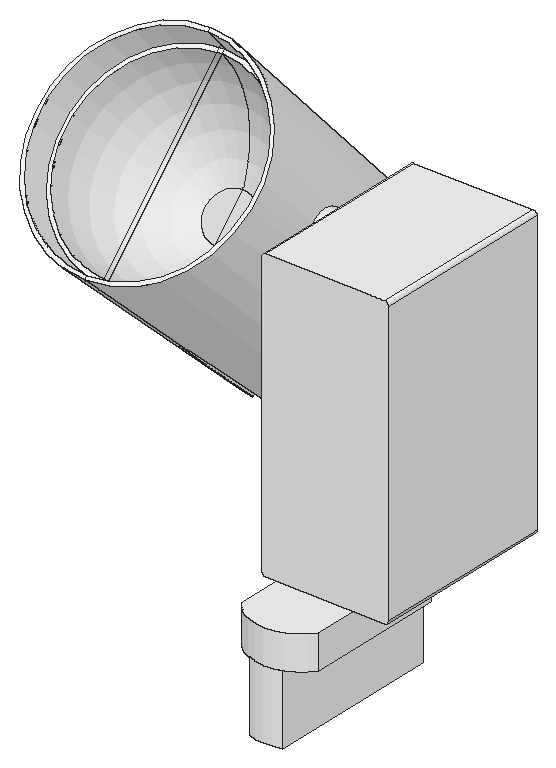
Revit family "0004823 Feilo Sylvania Lighting Fixture START TRACK SPOT S 14W 4K RA80 NB WHITE", category Lighting Fixtures, host Face, Revit 2017 (continued)
Definition of nested family "Start Track Spot Head"
  Types (96, lengths in mm): name | Wattage | built-in parameter 1150134 | Photometric Web File | Model | built-in parameter 1150105 | Lumens | built-in parameter 1150107 | built-in parameter 1150106 | HeadThickness_FEILO | HeadRibOffset_FEILO | HeadRibDepth_FEILO | HeadRibCutWidth_FEILO | HeadRibCutOffset_FEILO | HeadReflectorRadius_FEILO | HeadReflectorOffset_FEILO | HeadLEDRadius_FEILO | HeadHeight_FEILO | HeadDiffusorOffset_FEILO | HeadDiaOut_FEILO | HeadDiaIn_FEILO | HeadAxisFromTop_FEILO | Emit from Circle Diameter | built-in parameter 1150104 | Description | Apparent Load
    0004864 START TRACK SPOT S 24W 3K RA90 WB WHITE | 24 W | (empty or 0) | "0004864.ies" | "START TRACK SPOT S 24W 3K RA90 WB WHITE" | 152.79 (stored number, unit not read) | 1920 lm | 3000 (stored number, unit not read) | 1.5279 (stored number, unit not read) | 1.5 | 4.179 | 55.714 | 7.167 | 50.87 | 50.588 | 55.714 | 9.556 | 117 | 9.435 | 86 | 77.477 | 69.354 | 77.477 | 7.4322 (stored number, unit not read) | "Integrated LED spotlight, Textured White - RAL9016, compact and minimalist design, ideal for retail applications, die-cast aluminium body, passive cooling heatsink. Beam angle: 64°, color temperature: 3000K , total system power: 24W, total fixture output: 1928 lm, LOR: 100%, colour rendering: Ra: 90 typical, LED Chromaticity: 3 step MacAdam ellipse, lifetime: >50000 hours at L70B50, energy class: A++, A+, A, IR/UV free light source without heat radiation, operating voltage: 220-240V / 50-60Hz, drive current: 600mA, electronic driver, non-dimmable, power factor: 0.95, electrical protection: Class II, Global Track 3 Phase adapter suitable for Global trac 3-circuit tracks, ingress protection rating: IP20, suitable for internal environment only, horizontal rotation: 355°, vertical tilt: 90°, dimensions: Ø86x140x200, weight: 0.966kg." | 24 VA
    0004863 START TRACK SPOT S 24W 3K RA90 MB WHITE | 24 W | (empty or 0) | "0004863.ies" | "START TRACK SPOT S 24W 3K RA90 MB WHITE" | 154.7 (stored number, unit not read) | 1944 lm | 3000 (stored number, unit not read) | 1.547 (stored number, unit not read) | 1.5 | 4.179 | 55.714 | 7.167 | 50.87 | 50.588 | 55.714 | 9.556 | 117 | 9.435 | 86 | 77.477 | 69.354 | 77.477 | 7.5251 (stored number, unit not read) | "Integrated LED spotlight, Textured White - RAL9016, compact and minimalist design, ideal for retail applications, die-cast aluminium body, passive cooling heatsink. Beam angle: 36°, color temperature: 3000K , total system power: 24W, total fixture output: 1944 lm, LOR: 100%, colour rendering: Ra: 90 typical, LED Chromaticity: 3 step MacAdam ellipse, lifetime: >50000 hours at L70B50, energy class: A++, A+, A, IR/UV free light source without heat radiation, operating voltage: 220-240V / 50-60Hz, drive current: 600mA, electronic driver, non-dimmable, power factor: 0.95, electrical protection: Class II, Global Track 3 Phase adapter suitable for Global trac 3-circuit tracks, ingress protection rating: IP20, suitable for internal environment only, horizontal rotation: 355°, vertical tilt: 90°, dimensions: Ø86x140x200, weight: 0.966kg." | 24 VA
    0004862 START TRACK SPOT S 24W 3K RA90 NB WHITE | 24 W | (empty or 0) | "0004862.ies" | "START TRACK SPOT S 24W 3K RA90 NB WHITE" | 158.52 (stored number, unit not read) | 1992 lm | 3000 (stored number, unit not read) | 1.5852 (stored number, unit not read) | 1.5 | 4.179 | 55.714 | 7.167 | 50.87 | 50.588 | 55.714 | 9.556 | 117 | 9.435 | 86 | 77.477 | 69.354 | 77.477 | 7.711 (stored number, unit not read) | "Integrated LED spotlight, Textured White - RAL9016, compact and minimalist design, ideal for retail applications, die-cast aluminium body, passive cooling heatsink. Beam angle: 12°, color temperature: 3000K , total system power: 24W, total fixture output: 1987 lm, LOR: 100%, colour rendering: Ra: 90 typical, LED Chromaticity: 3 step MacAdam ellipse, lifetime: >50000 hours at L70B50, energy class: A++, A+, A, IR/UV free light source without heat radiation, operating voltage: 220-240V / 50-60Hz, drive current: 600mA, electronic driver, non-dimmable, power factor: 0.95, electrical protection: Class II, Global Track 3 Phase adapter suitable for Global trac 3-circuit tracks, ingress protection rating: IP20, suitable for internal environment only, horizontal rotation: 355°, vertical tilt: 90°, dimensions: Ø86x140x200, weight: 0.966kg." | 24 VA
    0004861 START TRACK SPOT S 14W 3K RA90 WB WHITE | 14 W | (empty or 0) | "0004861.ies" | "START TRACK SPOT S 14W 3K RA90 WB WHITE" | 100.27 (stored number, unit not read) | 1260 lm | 3000 (stored number, unit not read) | 1.0027 (stored number, unit not read) | 1.5 | 4.179 | 55.714 | 7.167 | 50.87 | 50.588 | 55.714 | 9.556 | 117 | 9.435 | 86 | 77.477 | 69.354 | 77.477 | 8.3613 (stored number, unit not read) | "Integrated LED spotlight, Textured White - RAL9016, compact and minimalist design, ideal for retail applications, die-cast aluminium body, passive cooling heatsink. Beam angle: 64°, color temperature: 3000K , total system power: 14W, total fixture output: 1262 lm, LOR: 100%, colour rendering: Ra: 90 typical, LED Chromaticity: 3 step MacAdam ellipse, lifetime: >50000 hours at L70B50, energy class: A++, A+, A, IR/UV free light source without heat radiation, operating voltage: 220-240V / 50-60Hz, drive current: 350mA, electronic driver, non-dimmable, power factor: 0.92, electrical protection: Class II, Global Track 3 Phase adapter suitable for Global trac 3-circuit tracks, ingress protection rating: IP20, suitable for internal environment only, horizontal rotation: 355°, vertical tilt: 90°, dimensions: Ø86x140x200, weight: 0.940kg." | 14 VA
    0004860 START TRACK SPOT S 14W 3K RA90 MB WHITE | 14 W | (empty or 0) | "0004860.ies" | "START TRACK SPOT S 14W 3K RA90 MB WHITE" | 100.27 (stored number, unit not read) | 1260 lm | 3000 (stored number, unit not read) | 1.0027 (stored number, unit not read) | 1.5 | 4.179 | 55.714 | 7.167 | 50.87 | 50.588 | 55.714 | 9.556 | 117 | 9.435 | 86 | 77.477 | 69.354 | 77.477 | 8.3613 (stored number, unit not read) | "Integrated LED spotlight, Textured White - RAL9016, compact and minimalist design, ideal for retail applications, die-cast aluminium body, passive cooling heatsink. Beam angle: 36°, color temperature: 3000K , total system power: 14W, total fixture output: 1262 lm, LOR: 100%, colour rendering: Ra: 90 typical, LED Chromaticity: 3 step MacAdam ellipse, lifetime: >50000 hours at L70B50, energy class: A++, A+, A, IR/UV free light source without heat radiation, operating voltage: 220-240V / 50-60Hz, drive current: 350mA, electronic driver, non-dimmable, power factor: 0.92, electrical protection: Class II, Global Track 3 Phase adapter suitable for Global trac 3-circuit tracks, ingress protection rating: IP20, suitable for internal environment only, horizontal rotation: 355°, vertical tilt: 90°, dimensions: Ø86x140x200, weight: 0.940kg." | 14 VA
    0004859 START TRACK SPOT S 14W 3K RA90 NB WHITE | 14 W | (empty or 0) | "0004859.ies" | "START TRACK SPOT S 14W 3K RA90 NB WHITE" | 102.5 (stored number, unit not read) | 1288 lm | 3000 (stored number, unit not read) | 1.025 (stored number, unit not read) | 1.5 | 4.179 | 55.714 | 7.167 | 50.87 | 50.588 | 55.714 | 9.556 | 117 | 9.435 | 86 | 77.477 | 69.354 | 77.477 | 8.5471 (stored number, unit not read) | "Integrated LED spotlight, Textured White - RAL9016, compact and minimalist design, ideal for retail applications, die-cast aluminium body, passive cooling heatsink. Beam angle: 12°, color temperature: 3000K , total system power: 14W, total fixture output: 1284 lm, LOR: 100%, colour rendering: Ra: 90 typical, LED Chromaticity: 3 step MacAdam ellipse, lifetime: >50000 hours at L70B50, energy class: A++, A+, A, IR/UV free light source without heat radiation, operating voltage: 220-240V / 50-60Hz, drive current: 350mA, electronic driver, non-dimmable, power factor: 0.92, electrical protection: Class II, Global Track 3 Phase adapter suitable for Global trac 3-circuit tracks, ingress protection rating: IP20, suitable for internal environment only, horizontal rotation: 355°, vertical tilt: 90°, dimensions: Ø86x140x200, weight: 0.940kg." | 14 VA
    0004858 START TRACK SPOT L 55W 4K RA80 WB BLACK | 55 W | 12 | "0004858.ies" | "START TRACK SPOT L 55W 4K RA80 WB BLACK" | 424.55 (stored number, unit not read) | 5335 lm | 4000 (stored number, unit not read) | 4.2455 (stored number, unit not read) | 2 | 4.429 | 59.048 | 9.417 | 53.913 | 66.471 | 59.048 | 12.556 | 124 | 10 | 113 | 101.802 | 73.503 | 101.802 | 9.0116 (stored number, unit not read) | "Integrated LED spotlight, Textured Black - RAL9005, compact and minimalist design, ideal for retail applications, die-cast aluminium body, passive cooling heatsink. Beam angle: 52°, color temperature: 4000K , total system power: 55W, total fixture output: 5320 lm, LOR: 100%, colour rendering: Ra: 80 typical, LED Chromaticity: 3 step MacAdam ellipse, lifetime: >50000 hours at L70B50, energy class: A++, A+, A, IR/UV free light source without heat radiation, operating voltage: 220-240V / 50-60Hz, drive current: 1400mA, electronic driver, non-dimmable, power factor: 0.96, electrical protection: Class II, Global Track 3 Phase adapter suitable for Global trac 3-circuit tracks, ingress protection rating: IP20, suitable for internal environment only, horizontal rotation: 355°, vertical tilt: 90°, dimensions: Ø113x164x240, weight: 1.398kg." | 55 VA
    0004857 START TRACK SPOT L 55W 4K RA80 MB BLACK | 55 W | 12 | "0004857.ies" | "START TRACK SPOT L 55W 4K RA80 MB BLACK" | 428.92 (stored number, unit not read) | 5390 lm | 4000 (stored number, unit not read) | 4.2892 (stored number, unit not read) | 2 | 4.429 | 59.048 | 9.417 | 53.913 | 66.471 | 59.048 | 12.556 | 124 | 10 | 113 | 101.802 | 73.503 | 101.802 | 9.1045 (stored number, unit not read) | "Integrated LED spotlight, Textured Black - RAL9005, compact and minimalist design, ideal for retail applications, die-cast aluminium body, passive cooling heatsink. Beam angle: 38°, color temperature: 4000K , total system power: 55W, total fixture output: 5378 lm, LOR: 100%, colour rendering: Ra: 80 typical, LED Chromaticity: 3 step MacAdam ellipse, lifetime: >50000 hours at L70B50, energy class: A++, A+, A, IR/UV free light source without heat radiation, operating voltage: 220-240V / 50-60Hz, drive current: 1400mA, electronic driver, non-dimmable, power factor: 0.96, electrical protection: Class II, Global Track 3 Phase adapter suitable for Global trac 3-circuit tracks, ingress protection rating: IP20, suitable for internal environment only, horizontal rotation: 355°, vertical tilt: 90°, dimensions: Ø113x164x240, weight: 1.398kg." | 55 VA
    0004856 START TRACK SPOT L 55W 4K RA80 NB BLACK | 55 W | 12 | "0004856.ies" | "START TRACK SPOT L 55W 4K RA80 NB BLACK" | 433.3 (stored number, unit not read) | 5445 lm | 4000 (stored number, unit not read) | 4.333 (stored number, unit not read) | 2 | 4.429 | 59.048 | 9.417 | 53.913 | 66.471 | 59.048 | 12.556 | 124 | 10 | 113 | 101.802 | 73.503 | 101.802 | 9.1974 (stored number, unit not read) | "Integrated LED spotlight, Textured Black - RAL9005, compact and minimalist design, ideal for retail applications, die-cast aluminium body, passive cooling heatsink. Beam angle: 15°, color temperature: 4000K , total system power: 55W, total fixture output: 5426 lm, LOR: 100%, colour rendering: Ra: 80 typical, LED Chromaticity: 3 step MacAdam ellipse, lifetime: >50000 hours at L70B50, energy class: A++, A+, A, IR/UV free light source without heat radiation, operating voltage: 220-240V / 50-60Hz, drive current: 1400mA, electronic driver, non-dimmable, power factor: 0.96, electrical protection: Class II, Global Track 3 Phase adapter suitable for Global trac 3-circuit tracks, ingress protection rating: IP20, suitable for internal environment only, horizontal rotation: 355°, vertical tilt: 90°, dimensions: Ø113x164x240, weight: 1.398kg." | 55 VA
    0004855 START TRACK SPOT L 35W 4K RA80 WB BLACK | 35 W | 12 | "0004855.ies" | "START TRACK SPOT L 35W 4K RA80 WB BLACK" | 320.3 (stored number, unit not read) | 4025 lm | 4000 (stored number, unit not read) | 3.203 (stored number, unit not read) | 2 | 4.429 | 59.048 | 9.417 | 53.913 | 66.471 | 59.048 | 12.556 | 124 | 10 | 113 | 101.802 | 73.503 | 101.802 | 10.684 (stored number, unit not read) | "Integrated LED spotlight, Textured Black - RAL9005, compact and minimalist design, ideal for retail applications, die-cast aluminium body, passive cooling heatsink. Beam angle: 52°, color temperature: 4000K , total system power: 35W, total fixture output: 4010 lm, LOR: 100%, colour rendering: Ra: 80 typical, LED Chromaticity: 3 step MacAdam ellipse, lifetime: >50000 hours at L70B50, energy class: A++, A+, A, IR/UV free light source without heat radiation, operating voltage: 220-240V / 50-60Hz, drive current: 900mA, electronic driver, non-dimmable, power factor: 0.93, electrical protection: Class II, Global Track 3 Phase adapter suitable for Global trac 3-circuit tracks, ingress protection rating: IP20, suitable for internal environment only, horizontal rotation: 355°, vertical tilt: 90°, dimensions: Ø113x164x240, weight: 1.368kg." | 35 VA
    0004854 START TRACK SPOT L 35W 4K RA80 MB BLACK | 35 W | 12 | "0004854.ies" | "START TRACK SPOT L 35W 4K RA80 MB BLACK" | 320.3 (stored number, unit not read) | 4025 lm | 4000 (stored number, unit not read) | 3.203 (stored number, unit not read) | 2 | 4.429 | 59.048 | 9.417 | 53.913 | 66.471 | 59.048 | 12.556 | 124 | 10 | 113 | 101.802 | 73.503 | 101.802 | 10.684 (stored number, unit not read) | "Integrated LED spotlight, Textured Black - RAL9005, compact and minimalist design, ideal for retail applications, die-cast aluminium body, passive cooling heatsink. Beam angle: 38°, color temperature: 4000K , total system power: 35W, total fixture output: 4017 lm, LOR: 100%, colour rendering: Ra: 80 typical, LED Chromaticity: 3 step MacAdam ellipse, lifetime: >50000 hours at L70B50, energy class: A++, A+, A, IR/UV free light source without heat radiation, operating voltage: 220-240V / 50-60Hz, drive current: 900mA, electronic driver, non-dimmable, power factor: 0.93, electrical protection: Class II, Global Track 3 Phase adapter suitable for Global trac 3-circuit tracks, ingress protection rating: IP20, suitable for internal environment only, horizontal rotation: 355°, vertical tilt: 90°, dimensions: Ø113x164x240, weight: 1.368kg." | 35 VA
    0004853 START TRACK SPOT L 35W 4K RA80 NB BLACK | 35 W | 12 | "0004853.ies" | "START TRACK SPOT L 35W 4K RA80 NB BLACK" | 331.44 (stored number, unit not read) | 4165 lm | 4000 (stored number, unit not read) | 3.3144 (stored number, unit not read) | 2 | 4.429 | 59.048 | 9.417 | 53.913 | 66.471 | 59.048 | 12.556 | 124 | 10 | 113 | 101.802 | 73.503 | 101.802 | 11.055 (stored number, unit not read) | "Integrated LED spotlight, Textured Black - RAL9005, compact and minimalist design, ideal for retail applications, die-cast aluminium body, passive cooling heatsink. Beam angle: 15°, color temperature: 4000K , total system power: 35W, total fixture output: 4174 lm, LOR: 100%, colour rendering: Ra: 80 typical, LED Chromaticity: 3 step MacAdam ellipse, lifetime: >50000 hours at L70B50, energy class: A++, A+, A, IR/UV free light source without heat radiation, operating voltage: 220-240V / 50-60Hz, drive current: 900mA, electronic driver, non-dimmable, power factor: 0.93, electrical protection: Class II, Global Track 3 Phase adapter suitable for Global trac 3-circuit tracks, ingress protection rating: IP20, suitable for internal environment only, horizontal rotation: 355°, vertical tilt: 90°, dimensions: Ø113x164x240, weight: 1.368kg." | 35 VA
    0004852 START TRACK SPOT S 24W 4K RA80 WB BLACK | 24 W | 12 | "0004852.ies" | "START TRACK SPOT S 24W 4K RA80 WB BLACK" | 196.72 (stored number, unit not read) | 2472 lm | 4000 (stored number, unit not read) | 1.9672 (stored number, unit not read) | 1.5 | 4.179 | 55.714 | 7.167 | 50.87 | 50.588 | 55.714 | 9.556 | 117 | 9.435 | 86 | 77.477 | 69.354 | 77.477 | 9.569 (stored number, unit not read) | "Integrated LED spotlight, Textured Black - RAL9005, compact and minimalist design, ideal for retail applications, die-cast aluminium body, passive cooling heatsink. Beam angle: 64°, color temperature: 4000K , total system power: 24W, total fixture output: 2476 lm, LOR: 100%, colour rendering: Ra: 80 typical, LED Chromaticity: 3 step MacAdam ellipse, lifetime: >50000 hours at L70B50, energy class: A++, A+, A, IR/UV free light source without heat radiation, operating voltage: 220-240V / 50-60Hz, drive current: 600mA, electronic driver, non-dimmable, power factor: 0.95, electrical protection: Class II, Global Track 3 Phase adapter suitable for Global trac 3-circuit tracks, ingress protection rating: IP20, suitable for internal environment only, horizontal rotation: 355°, vertical tilt: 90°, dimensions: Ø86x140x200, weight: 0.966kg." | 24 VA
    0004851 START TRACK SPOT S 24W 4K RA80 MB BLACK | 24 W | 12 | "0004851.ies" | "START TRACK SPOT S 24W 4K RA80 MB BLACK" | 198.63 (stored number, unit not read) | 2496 lm | 4000 (stored number, unit not read) | 1.9863 (stored number, unit not read) | 1.5 | 4.179 | 55.714 | 7.167 | 50.87 | 50.588 | 55.714 | 9.556 | 117 | 9.435 | 86 | 77.477 | 69.354 | 77.477 | 9.6619 (stored number, unit not read) | "Integrated LED spotlight, Textured Black - RAL9005, compact and minimalist design, ideal for retail applications, die-cast aluminium body, passive cooling heatsink. Beam angle: 36°, color temperature: 4000K , total system power: 24W, total fixture output: 2487 lm, LOR: 100%, colour rendering: Ra: 80 typical, LED Chromaticity: 3 step MacAdam ellipse, lifetime: >50000 hours at L70B50, energy class: A++, A+, A, IR/UV free light source without heat radiation, operating voltage: 220-240V / 50-60Hz, drive current: 600mA, electronic driver, non-dimmable, power factor: 0.95, electrical protection: Class II, Global Track 3 Phase adapter suitable for Global trac 3-circuit tracks, ingress protection rating: IP20, suitable for internal environment only, horizontal rotation: 355°, vertical tilt: 90°, dimensions: Ø86x140x200, weight: 0.966kg." | 24 VA
    0004850 START TRACK SPOT S 24W 4K RA80 NB BLACK | 24 W | 12 | "0004850.ies" | "START TRACK SPOT S 24W 4K RA80 NB BLACK" | 200.54 (stored number, unit not read) | 2520 lm | 4000 (stored number, unit not read) | 2.0054 (stored number, unit not read) | 1.5 | 4.179 | 55.714 | 7.167 | 50.87 | 50.588 | 55.714 | 9.556 | 117 | 9.435 | 86 | 77.477 | 69.354 | 77.477 | 9.7548 (stored number, unit not read) | "Integrated LED spotlight, Textured Black - RAL9005, compact and minimalist design, ideal for retail applications, die-cast aluminium body, passive cooling heatsink. Beam angle: 12°, color temperature: 4000K , total system power: 24W, total fixture output: 2529 lm, LOR: 100%, colour rendering: Ra: 80 typical, LED Chromaticity: 3 step MacAdam ellipse, lifetime: >50000 hours at L70B50, energy class: A++, A+, A, IR/UV free light source without heat radiation, operating voltage: 220-240V / 50-60Hz, drive current: 600mA, electronic driver, non-dimmable, power factor: 0.95, electrical protection: Class II, Global Track 3 Phase adapter suitable for Global trac 3-circuit tracks, ingress protection rating: IP20, suitable for internal environment only, horizontal rotation: 355°, vertical tilt: 90°, dimensions: Ø86x140x200, weight: 0.966kg." | 24 VA
    0004849 START TRACK SPOT S 14W 4K RA80 WB BLACK | 14 W | 12 | "0004849.ies" | "START TRACK SPOT S 14W 4K RA80 WB BLACK" | 123.66 (stored number, unit not read) | 1554 lm | 4000 (stored number, unit not read) | 1.2366 (stored number, unit not read) | 1.5 | 4.179 | 55.714 | 7.167 | 50.87 | 50.588 | 55.714 | 9.556 | 117 | 9.435 | 86 | 77.477 | 69.354 | 77.477 | 10.312 (stored number, unit not read) | "Integrated LED spotlight, Textured Black - RAL9005, compact and minimalist design, ideal for retail applications, die-cast aluminium body, passive cooling heatsink. Beam angle: 64°, color temperature: 4000K , total system power: 14W, total fixture output: 1558 lm, LOR: 100%, colour rendering: Ra: 80 typical, LED Chromaticity: 3 step MacAdam ellipse, lifetime: >50000 hours at L70B50, energy class: A++, A+, A, IR/UV free light source without heat radiation, operating voltage: 220-240V / 50-60Hz, drive current: 350mA, electronic driver, non-dimmable, power factor: 0.92, electrical protection: Class II, Global Track 3 Phase adapter suitable for Global trac 3-circuit tracks, ingress protection rating: IP20, suitable for internal environment only, horizontal rotation: 355°, vertical tilt: 90°, dimensions: Ø86x140x200, weight: 0.940kg." | 14 VA
    0004848 START TRACK SPOT S 14W 4K RA80 MB BLACK | 14 W | 12 | "0004848.ies" | "START TRACK SPOT S 14W 4K RA80 MB BLACK" | 127.01 (stored number, unit not read) | 1596 lm | 4000 (stored number, unit not read) | 1.2701 (stored number, unit not read) | 1.5 | 4.179 | 55.714 | 7.167 | 50.87 | 50.588 | 55.714 | 9.556 | 117 | 9.435 | 86 | 77.477 | 69.354 | 77.477 | 10.591 (stored number, unit not read) | "Integrated LED spotlight, Textured Black - RAL9005, compact and minimalist design, ideal for retail applications, die-cast aluminium body, passive cooling heatsink. Beam angle: 36°, color temperature: 4000K , total system power: 14W, total fixture output: 1598 lm, LOR: 100%, colour rendering: Ra: 80 typical, LED Chromaticity: 3 step MacAdam ellipse, lifetime: >50000 hours at L70B50, energy class: A++, A+, A, IR/UV free light source without heat radiation, operating voltage: 220-240V / 50-60Hz, drive current: 350mA, electronic driver, non-dimmable, power factor: 0.92, electrical protection: Class II, Global Track 3 Phase adapter suitable for Global trac 3-circuit tracks, ingress protection rating: IP20, suitable for internal environment only, horizontal rotation: 355°, vertical tilt: 90°, dimensions: Ø86x140x200, weight: 0.940kg." | 14 VA
    0004847 START TRACK SPOT S 14W 4K RA80 NB BLACK | 14 W | 12 | "0004847.ies" | "START TRACK SPOT S 14W 4K RA80 NB BLACK" | 128.12 (stored number, unit not read) | 1610 lm | 4000 (stored number, unit not read) | 1.2812 (stored number, unit not read) | 1.5 | 4.179 | 55.714 | 7.167 | 50.87 | 50.588 | 55.714 | 9.556 | 117 | 9.435 | 86 | 77.477 | 69.354 | 77.477 | 10.684 (stored number, unit not read) | "Integrated LED spotlight, Textured Black - RAL9005, compact and minimalist design, ideal for retail applications, die-cast aluminium body, passive cooling heatsink. Beam angle: 12°, color temperature: 4000K , total system power: 14W, total fixture output: 1608 lm, LOR: 100%, colour rendering: Ra: 80 typical, LED Chromaticity: 3 step MacAdam ellipse, lifetime: >50000 hours at L70B50, energy class: A++, A+, A, IR/UV free light source without heat radiation, operating voltage: 220-240V / 50-60Hz, drive current: 350mA, electronic driver, non-dimmable, power factor: 0.92, electrical protection: Class II, Global Track 3 Phase adapter suitable for Global trac 3-circuit tracks, ingress protection rating: IP20, suitable for internal environment only, horizontal rotation: 355°, vertical tilt: 90°, dimensions: Ø86x140x200, weight: 0.940kg." | 14 VA
    0004846 START TRACK SPOT L 55W 3K RA80 WB BLACK | 55 W | (empty or 0) | "0004846.ies" | "START TRACK SPOT L 55W 3K RA80 WB BLACK" | 420.17 (stored number, unit not read) | 5280 lm | 3000 (stored number, unit not read) | 4.2017 (stored number, unit not read) | 2 | 4.429 | 59.048 | 9.417 | 53.913 | 66.471 | 59.048 | 12.556 | 124 | 10 | 113 | 101.802 | 73.503 | 101.802 | 8.9187 (stored number, unit not read) | "Integrated LED spotlight, Textured Black - RAL9005, compact and minimalist design, ideal for retail applications, die-cast aluminium body, passive cooling heatsink. Beam angle: 52°, color temperature: 3000K , total system power: 55W, total fixture output: 5298 lm, LOR: 100%, colour rendering: Ra: 80 typical, LED Chromaticity: 3 step MacAdam ellipse, lifetime: >50000 hours at L70B50, energy class: A++, A+, A, IR/UV free light source without heat radiation, operating voltage: 220-240V / 50-60Hz, drive current: 1400mA, electronic driver, non-dimmable, power factor: 0.96, electrical protection: Class II, Global Track 3 Phase adapter suitable for Global trac 3-circuit tracks, ingress protection rating: IP20, suitable for internal environment only, horizontal rotation: 355°, vertical tilt: 90°, dimensions: Ø113x164x240, weight: 1.398kg." | 55 VA
    0004845 START TRACK SPOT L 55W 3K RA80 MB BLACK | 55 W | (empty or 0) | "0004845.ies" | "START TRACK SPOT L 55W 3K RA80 MB BLACK" | 428.92 (stored number, unit not read) | 5390 lm | 3000 (stored number, unit not read) | 4.2892 (stored number, unit not read) | 2 | 4.429 | 59.048 | 9.417 | 53.913 | 66.471 | 59.048 | 12.556 | 124 | 10 | 113 | 101.802 | 73.503 | 101.802 | 9.1045 (stored number, unit not read) | "Integrated LED spotlight, Textured Black - RAL9005, compact and minimalist design, ideal for retail applications, die-cast aluminium body, passive cooling heatsink. Beam angle: 38°, color temperature: 3000K , total system power: 55W, total fixture output: 5381 lm, LOR: 100%, colour rendering: Ra: 80 typical, LED Chromaticity: 3 step MacAdam ellipse, lifetime: >50000 hours at L70B50, energy class: A++, A+, A, IR/UV free light source without heat radiation, operating voltage: 220-240V / 50-60Hz, drive current: 1400mA, electronic driver, non-dimmable, power factor: 0.96, electrical protection: Class II, Global Track 3 Phase adapter suitable for Global trac 3-circuit tracks, ingress protection rating: IP20, suitable for internal environment only, horizontal rotation: 355°, vertical tilt: 90°, dimensions: Ø113x164x240, weight: 1.398kg." | 55 VA
    0004844 START TRACK SPOT L 55W 3K RA80 NB BLACK | 55 W | (empty or 0) | "0004844.ies" | "START TRACK SPOT L 55W 3K RA80 NB BLACK" | 433.3 (stored number, unit not read) | 5445 lm | 3000 (stored number, unit not read) | 4.333 (stored number, unit not read) | 2 | 4.429 | 59.048 | 9.417 | 53.913 | 66.471 | 59.048 | 12.556 | 124 | 10 | 113 | 101.802 | 73.503 | 101.802 | 9.1974 (stored number, unit not read) | "Integrated LED spotlight, Textured Black - RAL9005, compact and minimalist design, ideal for retail applications, die-cast aluminium body, passive cooling heatsink. Beam angle: 15°, color temperature: 3000K , total system power: 55W, total fixture output: 5449 lm, LOR: 100%, colour rendering: Ra: 80 typical, LED Chromaticity: 3 step MacAdam ellipse, lifetime: >50000 hours at L70B50, energy class: A++, A+, A, IR/UV free light source without heat radiation, operating voltage: 220-240V / 50-60Hz, drive current: 1400mA, electronic driver, non-dimmable, power factor: 0.96, electrical protection: Class II, Global Track 3 Phase adapter suitable for Global trac 3-circuit tracks, ingress protection rating: IP20, suitable for internal environment only, horizontal rotation: 355°, vertical tilt: 90°, dimensions: Ø113x164x240, weight: 1.398kg." | 55 VA
    0004843 START TRACK SPOT L 35W 3K RA80 WB BLACK | 35 W | (empty or 0) | "0004843.ies" | "START TRACK SPOT L 35W 3K RA80 WB BLACK" | 314.73 (stored number, unit not read) | 3955 lm | 3000 (stored number, unit not read) | 3.1473 (stored number, unit not read) | 2 | 4.429 | 59.048 | 9.417 | 53.913 | 66.471 | 59.048 | 12.556 | 124 | 10 | 113 | 101.802 | 73.503 | 101.802 | 10.498 (stored number, unit not read) | "Integrated LED spotlight, Textured Black - RAL9005, compact and minimalist design, ideal for retail applications, die-cast aluminium body, passive cooling heatsink. Beam angle: 52°, color temperature: 3000K , total system power: 35W, total fixture output: 3943 lm, LOR: 100%, colour rendering: Ra: 80 typical, LED Chromaticity: 3 step MacAdam ellipse, lifetime: >50000 hours at L70B50, energy class: A++, A+, A, IR/UV free light source without heat radiation, operating voltage: 220-240V / 50-60Hz, drive current: 900mA, electronic driver, non-dimmable, power factor: 0.93, electrical protection: Class II, Global Track 3 Phase adapter suitable for Global trac 3-circuit tracks, ingress protection rating: IP20, suitable for internal environment only, horizontal rotation: 355°, vertical tilt: 90°, dimensions: Ø113x164x240, weight: 1.368kg." | 35 VA
    0004842 START TRACK SPOT L 35W 3K RA80 MB BLACK | 35 W | (empty or 0) | "0004842.ies" | "START TRACK SPOT L 35W 3K RA80 MB BLACK" | 320.3 (stored number, unit not read) | 4025 lm | 3000 (stored number, unit not read) | 3.203 (stored number, unit not read) | 2 | 4.429 | 59.048 | 9.417 | 53.913 | 66.471 | 59.048 | 12.556 | 124 | 10 | 113 | 101.802 | 73.503 | 101.802 | 10.684 (stored number, unit not read) | "Integrated LED spotlight, Textured Black - RAL9005, compact and minimalist design, ideal for retail applications, die-cast aluminium body, passive cooling heatsink. Beam angle: 38°, color temperature: 3000K , total system power: 35W, total fixture output: 4008 lm, LOR: 100%, colour rendering: Ra: 80 typical, LED Chromaticity: 3 step MacAdam ellipse, lifetime: >50000 hours at L70B50, energy class: A++, A+, A, IR/UV free light source without heat radiation, operating voltage: 220-240V / 50-60Hz, drive current: 900mA, electronic driver, non-dimmable, power factor: 0.93, electrical protection: Class II, Global Track 3 Phase adapter suitable for Global trac 3-circuit tracks, ingress protection rating: IP20, suitable for internal environment only, horizontal rotation: 355°, vertical tilt: 90°, dimensions: Ø113x164x240, weight: 1.368kg." | 35 VA
    0004841 START TRACK SPOT L 35W 3K RA80 NB BLACK | 35 W | (empty or 0) | "0004841.ies" | "START TRACK SPOT L 35W 3K RA80 NB BLACK" | 317.51 (stored number, unit not read) | 3990 lm | 3000 (stored number, unit not read) | 3.1751 (stored number, unit not read) | 2 | 4.429 | 59.048 | 9.417 | 53.913 | 66.471 | 59.048 | 12.556 | 124 | 10 | 113 | 101.802 | 73.503 | 101.802 | 10.591 (stored number, unit not read) | "Integrated LED spotlight, Textured Black - RAL9005, compact and minimalist design, ideal for retail applications, die-cast aluminium body, passive cooling heatsink. Beam angle: 15°, color temperature: 3000K , total system power: 35W, total fixture output: 4005 lm, LOR: 100%, colour rendering: Ra: 80 typical, LED Chromaticity: 3 step MacAdam ellipse, lifetime: >50000 hours at L70B50, energy class: A++, A+, A, IR/UV free light source without heat radiation, operating voltage: 220-240V / 50-60Hz, drive current: 900mA, electronic driver, non-dimmable, power factor: 0.93, electrical protection: Class II, Global Track 3 Phase adapter suitable for Global trac 3-circuit tracks, ingress protection rating: IP20, suitable for internal environment only, horizontal rotation: 355°, vertical tilt: 90°, dimensions: Ø113x164x240, weight: 1.368kg." | 35 VA
    0004840 START TRACK SPOT S 24W 3K RA80 WB BLACK | 24 W | (empty or 0) | "0004840.ies" | "START TRACK SPOT S 24W 3K RA80 WB BLACK" | 185.26 (stored number, unit not read) | 2328 lm | 3000 (stored number, unit not read) | 1.8526 (stored number, unit not read) | 1.5 | 4.179 | 55.714 | 7.167 | 50.87 | 50.588 | 55.714 | 9.556 | 117 | 9.435 | 86 | 77.477 | 69.354 | 77.477 | 9.0116 (stored number, unit not read) | "Integrated LED spotlight, Textured Black - RAL9005, compact and minimalist design, ideal for retail applications, die-cast aluminium body, passive cooling heatsink. Beam angle: 64°, color temperature: 3000K , total system power: 24W, total fixture output: 2318 lm, LOR: 100%, colour rendering: Ra: 80 typical, LED Chromaticity: 3 step MacAdam ellipse, lifetime: >50000 hours at L70B50, energy class: A++, A+, A, IR/UV free light source without heat radiation, operating voltage: 220-240V / 50-60Hz, drive current: 600mA, electronic driver, non-dimmable, power factor: 0.95, electrical protection: Class II, Global Track 3 Phase adapter suitable for Global trac 3-circuit tracks, ingress protection rating: IP20, suitable for internal environment only, horizontal rotation: 355°, vertical tilt: 90°, dimensions: Ø86x140x200, weight: 0.966kg." | 24 VA
    0004839 START TRACK SPOT S 24W 3K RA80 MB BLACK | 24 W | (empty or 0) | "0004839.ies" | "START TRACK SPOT S 24W 3K RA80 MB BLACK" | 183.35 (stored number, unit not read) | 2304 lm | 3000 (stored number, unit not read) | 1.8335 (stored number, unit not read) | 1.5 | 4.179 | 55.714 | 7.167 | 50.87 | 50.588 | 55.714 | 9.556 | 117 | 9.435 | 86 | 77.477 | 69.354 | 77.477 | 8.9187 (stored number, unit not read) | "Integrated LED spotlight, Textured Black - RAL9005, compact and minimalist design, ideal for retail applications, die-cast aluminium body, passive cooling heatsink. Beam angle: 36°, color temperature: 3000K , total system power: 24W, total fixture output: 2314 lm, LOR: 100%, colour rendering: Ra: 80 typical, LED Chromaticity: 3 step MacAdam ellipse, lifetime: >50000 hours at L70B50, energy class: A++, A+, A, IR/UV free light source without heat radiation, operating voltage: 220-240V / 50-60Hz, drive current: 600mA, electronic driver, non-dimmable, power factor: 0.95, electrical protection: Class II, Global Track 3 Phase adapter suitable for Global trac 3-circuit tracks, ingress protection rating: IP20, suitable for internal environment only, horizontal rotation: 355°, vertical tilt: 90°, dimensions: Ø86x140x200, weight: 0.966kg." | 24 VA
    0004838 START TRACK SPOT S 24W 3K RA80 NB BLACK | 24 W | (empty or 0) | "0004838.ies" | "START TRACK SPOT S 24W 3K RA80 NB BLACK" | 185.26 (stored number, unit not read) | 2328 lm | 3000 (stored number, unit not read) | 1.8526 (stored number, unit not read) | 1.5 | 4.179 | 55.714 | 7.167 | 50.87 | 50.588 | 55.714 | 9.556 | 117 | 9.435 | 86 | 77.477 | 69.354 | 77.477 | 9.0116 (stored number, unit not read) | "Integrated LED spotlight, Textured Black - RAL9005, compact and minimalist design, ideal for retail applications, die-cast aluminium body, passive cooling heatsink. Beam angle: 12°, color temperature: 3000K , total system power: 24W, total fixture output: 2334 lm, LOR: 100%, colour rendering: Ra: 80 typical, LED Chromaticity: 3 step MacAdam ellipse, lifetime: >50000 hours at L70B50, energy class: A++, A+, A, IR/UV free light source without heat radiation, operating voltage: 220-240V / 50-60Hz, drive current: 600mA, electronic driver, non-dimmable, power factor: 0.95, electrical protection: Class II, Global Track 3 Phase adapter suitable for Global trac 3-circuit tracks, ingress protection rating: IP20, suitable for internal environment only, horizontal rotation: 355°, vertical tilt: 90°, dimensions: Ø86x140x200, weight: 0.966kg." | 24 VA
    0004837 START TRACK SPOT S 14W 3K RA80 WB BLACK | 14 W | (empty or 0) | "0004837.ies" | "START TRACK SPOT S 14W 3K RA80 WB BLACK" | 119.21 (stored number, unit not read) | 1498 lm | 3000 (stored number, unit not read) | 1.1921 (stored number, unit not read) | 1.5 | 4.179 | 55.714 | 7.167 | 50.87 | 50.588 | 55.714 | 9.556 | 117 | 9.435 | 86 | 77.477 | 69.354 | 77.477 | 9.9406 (stored number, unit not read) | "Integrated LED spotlight, Textured Black - RAL9005, compact and minimalist design, ideal for retail applications, die-cast aluminium body, passive cooling heatsink. Beam angle: 64°, color temperature: 3000K , total system power: 14W, total fixture output: 1498 lm, LOR: 100%, colour rendering: Ra: 80 typical, LED Chromaticity: 3 step MacAdam ellipse, lifetime: >50000 hours at L70B50, energy class: A++, A+, A, IR/UV free light source without heat radiation, operating voltage: 220-240V / 50-60Hz, drive current: 350mA, electronic driver, non-dimmable, power factor: 0.92, electrical protection: Class II, Global Track 3 Phase adapter suitable for Global trac 3-circuit tracks, ingress protection rating: IP20, suitable for internal environment only, horizontal rotation: 355°, vertical tilt: 90°, dimensions: Ø86x140x200, weight: 0.940kg." | 14 VA
    0004836 START TRACK SPOT S 14W 3K RA80 MB BLACK | 14 W | (empty or 0) | "0004836.ies" | "START TRACK SPOT S 14W 3K RA80 MB BLACK" | 120.32 (stored number, unit not read) | 1512 lm | 3000 (stored number, unit not read) | 1.2032 (stored number, unit not read) | 1.5 | 4.179 | 55.714 | 7.167 | 50.87 | 50.588 | 55.714 | 9.556 | 117 | 9.435 | 86 | 77.477 | 69.354 | 77.477 | 10.034 (stored number, unit not read) | "Integrated LED spotlight, Textured Black - RAL9005, compact and minimalist design, ideal for retail applications, die-cast aluminium body, passive cooling heatsink. Beam angle: 36°, color temperature: 3000K , total system power: 14W, total fixture output: 1508 lm, LOR: 100%, colour rendering: Ra: 80 typical, LED Chromaticity: 3 step MacAdam ellipse, lifetime: >50000 hours at L70B50, energy class: A++, A+, A, IR/UV free light source without heat radiation, operating voltage: 220-240V / 50-60Hz, drive current: 350mA, electronic driver, non-dimmable, power factor: 0.92, electrical protection: Class II, Global Track 3 Phase adapter suitable for Global trac 3-circuit tracks, ingress protection rating: IP20, suitable for internal environment only, horizontal rotation: 355°, vertical tilt: 90°, dimensions: Ø86x140x200, weight: 0.940kg." | 14 VA
    0004835 START TRACK SPOT S 14W 3K RA80 NB BLACK | 14 W | (empty or 0) | "0004835.ies" | "START TRACK SPOT S 14W 3K RA80 NB BLACK" | 123.66 (stored number, unit not read) | 1554 lm | 3000 (stored number, unit not read) | 1.2366 (stored number, unit not read) | 1.5 | 4.179 | 55.714 | 7.167 | 50.87 | 50.588 | 55.714 | 9.556 | 117 | 9.435 | 86 | 77.477 | 69.354 | 77.477 | 10.312 (stored number, unit not read) | "Integrated LED spotlight, Textured Black - RAL9005, compact and minimalist design, ideal for retail applications, die-cast aluminium body, passive cooling heatsink. Beam angle: 12°, color temperature: 3000K , total system power: 14W, total fixture output: 1551 lm, LOR: 100%, colour rendering: Ra: 80 typical, LED Chromaticity: 3 step MacAdam ellipse, lifetime: >50000 hours at L70B50, energy class: A++, A+, A, IR/UV free light source without heat radiation, operating voltage: 220-240V / 50-60Hz, drive current: 350mA, electronic driver, non-dimmable, power factor: 0.92, electrical protection: Class II, Global Track 3 Phase adapter suitable for Global trac 3-circuit tracks, ingress protection rating: IP20, suitable for internal environment only, horizontal rotation: 355°, vertical tilt: 90°, dimensions: Ø86x140x200, weight: 0.940kg." | 14 VA
    0004834 START TRACK SPOT L 55W 4K RA80 WB WHITE | 55 W | 12 | "0004834.ies" | "START TRACK SPOT L 55W 4K RA80 WB WHITE" | 424.55 (stored number, unit not read) | 5335 lm | 4000 (stored number, unit not read) | 4.2455 (stored number, unit not read) | 2 | 4.429 | 59.048 | 9.417 | 53.913 | 66.471 | 59.048 | 12.556 | 124 | 10 | 113 | 101.802 | 73.503 | 101.802 | 9.0116 (stored number, unit not read) | "Integrated LED spotlight, Textured White - RAL9016, compact and minimalist design, ideal for retail applications, die-cast aluminium body, passive cooling heatsink. Beam angle: 52°, color temperature: 4000K , total system power: 55W, total fixture output: 5320 lm, LOR: 100%, colour rendering: Ra: 80 typical, LED Chromaticity: 3 step MacAdam ellipse, lifetime: >50000 hours at L70B50, energy class: A++, A+, A, IR/UV free light source without heat radiation, operating voltage: 220-240V / 50-60Hz, drive current: 1400mA, electronic driver, non-dimmable, power factor: 0.96, electrical protection: Class II, Global Track 3 Phase adapter suitable for Global trac 3-circuit tracks, ingress protection rating: IP20, suitable for internal environment only, horizontal rotation: 355°, vertical tilt: 90°, dimensions: Ø113x164x240, weight: 1.398kg." | 55 VA
    0004833 START TRACK SPOT L 55W 4K RA80 MB WHITE | 55 W | 12 | "0004833.ies" | "START TRACK SPOT L 55W 4K RA80 MB WHITE" | 428.92 (stored number, unit not read) | 5390 lm | 4000 (stored number, unit not read) | 4.2892 (stored number, unit not read) | 2 | 4.429 | 59.048 | 9.417 | 53.913 | 66.471 | 59.048 | 12.556 | 124 | 10 | 113 | 101.802 | 73.503 | 101.802 | 9.1045 (stored number, unit not read) | "Integrated LED spotlight, Textured White - RAL9016, compact and minimalist design, ideal for retail applications, die-cast aluminium body, passive cooling heatsink. Beam angle: 38°, color temperature: 4000K , total system power: 55W, total fixture output: 5378 lm, LOR: 100%, colour rendering: Ra: 80 typical, LED Chromaticity: 3 step MacAdam ellipse, lifetime: >50000 hours at L70B50, energy class: A++, A+, A, IR/UV free light source without heat radiation, operating voltage: 220-240V / 50-60Hz, drive current: 1400mA, electronic driver, non-dimmable, power factor: 0.96, electrical protection: Class II, Global Track 3 Phase adapter suitable for Global trac 3-circuit tracks, ingress protection rating: IP20, suitable for internal environment only, horizontal rotation: 355°, vertical tilt: 90°, dimensions: Ø113x164x240, weight: 1.398kg." | 55 VA
    0004832 START TRACK SPOT L 55W 4K RA80 NB WHITE | 55 W | 12 | "0004832.ies" | "START TRACK SPOT L 55W 4K RA80 NB WHITE" | 433.3 (stored number, unit not read) | 5445 lm | 4000 (stored number, unit not read) | 4.333 (stored number, unit not read) | 2 | 4.429 | 59.048 | 9.417 | 53.913 | 66.471 | 59.048 | 12.556 | 124 | 10 | 113 | 101.802 | 73.503 | 101.802 | 9.1974 (stored number, unit not read) | "Integrated LED spotlight, Textured White - RAL9016, compact and minimalist design, ideal for retail applications, die-cast aluminium body, passive cooling heatsink. Beam angle: 15°, color temperature: 4000K , total system power: 55W, total fixture output: 5426 lm, LOR: 100%, colour rendering: Ra: 80 typical, LED Chromaticity: 3 step MacAdam ellipse, lifetime: >50000 hours at L70B50, energy class: A++, A+, A, IR/UV free light source without heat radiation, operating voltage: 220-240V / 50-60Hz, drive current: 1400mA, electronic driver, non-dimmable, power factor: 0.96, electrical protection: Class II, Global Track 3 Phase adapter suitable for Global trac 3-circuit tracks, ingress protection rating: IP20, suitable for internal environment only, horizontal rotation: 355°, vertical tilt: 90°, dimensions: Ø113x164x240, weight: 1.398kg." | 55 VA
    0004831 START TRACK SPOT L 35W 4K RA80 WB WHITE | 35 W | 12 | "0004831.ies" | "START TRACK SPOT L 35W 4K RA80 WB WHITE" | 320.3 (stored number, unit not read) | 4025 lm | 4000 (stored number, unit not read) | 3.203 (stored number, unit not read) | 2 | 4.429 | 59.048 | 9.417 | 53.913 | 66.471 | 59.048 | 12.556 | 124 | 10 | 113 | 101.802 | 73.503 | 101.802 | 10.684 (stored number, unit not read) | "Integrated LED spotlight, Textured White - RAL9016, compact and minimalist design, ideal for retail applications, die-cast aluminium body, passive cooling heatsink. Beam angle: 52°, color temperature: 4000K , total system power: 35W, total fixture output: 4010 lm, LOR: 100%, colour rendering: Ra: 80 typical, LED Chromaticity: 3 step MacAdam ellipse, lifetime: >50000 hours at L70B50, energy class: A++, A+, A, IR/UV free light source without heat radiation, operating voltage: 220-240V / 50-60Hz, drive current: 900mA, electronic driver, non-dimmable, power factor: 0.93, electrical protection: Class II, Global Track 3 Phase adapter suitable for Global trac 3-circuit tracks, ingress protection rating: IP20, suitable for internal environment only, horizontal rotation: 355°, vertical tilt: 90°, dimensions: Ø113x164x240, weight: 1.368kg." | 35 VA
    0004830 START TRACK SPOT L 35W 4K RA80 MB WHITE | 35 W | 12 | "0004830.ies" | "START TRACK SPOT L 35W 4K RA80 MB WHITE" | 320.3 (stored number, unit not read) | 4025 lm | 4000 (stored number, unit not read) | 3.203 (stored number, unit not read) | 2 | 4.429 | 59.048 | 9.417 | 53.913 | 66.471 | 59.048 | 12.556 | 124 | 10 | 113 | 101.802 | 73.503 | 101.802 | 10.684 (stored number, unit not read) | "Integrated LED spotlight, Textured White - RAL9016, compact and minimalist design, ideal for retail applications, die-cast aluminium body, passive cooling heatsink. Beam angle: 38°, color temperature: 4000K , total system power: 35W, total fixture output: 4017 lm, LOR: 100%, colour rendering: Ra: 80 typical, LED Chromaticity: 3 step MacAdam ellipse, lifetime: >50000 hours at L70B50, energy class: A++, A+, A, IR/UV free light source without heat radiation, operating voltage: 220-240V / 50-60Hz, drive current: 900mA, electronic driver, non-dimmable, power factor: 0.93, electrical protection: Class II, Global Track 3 Phase adapter suitable for Global trac 3-circuit tracks, ingress protection rating: IP20, suitable for internal environment only, horizontal rotation: 355°, vertical tilt: 90°, dimensions: Ø113x164x240, weight: 1.368kg." | 35 VA
    0004829 START TRACK SPOT L 35W 4K RA80 NB WHITE | 35 W | 12 | "0004829.ies" | "START TRACK SPOT L 35W 4K RA80 NB WHITE" | 331.44 (stored number, unit not read) | 4165 lm | 4000 (stored number, unit not read) | 3.3144 (stored number, unit not read) | 2 | 4.429 | 59.048 | 9.417 | 53.913 | 66.471 | 59.048 | 12.556 | 124 | 10 | 113 | 101.802 | 73.503 | 101.802 | 11.055 (stored number, unit not read) | "Integrated LED spotlight, Textured White - RAL9016, compact and minimalist design, ideal for retail applications, die-cast aluminium body, passive cooling heatsink. Beam angle: 15°, color temperature: 4000K , total system power: 35W, total fixture output: 4174 lm, LOR: 100%, colour rendering: Ra: 80 typical, LED Chromaticity: 3 step MacAdam ellipse, lifetime: >50000 hours at L70B50, energy class: A++, A+, A, IR/UV free light source without heat radiation, operating voltage: 220-240V / 50-60Hz, drive current: 900mA, electronic driver, non-dimmable, power factor: 0.93, electrical protection: Class II, Global Track 3 Phase adapter suitable for Global trac 3-circuit tracks, ingress protection rating: IP20, suitable for internal environment only, horizontal rotation: 355°, vertical tilt: 90°, dimensions: Ø113x164x240, weight: 1.368kg." | 35 VA
    0004828 START TRACK SPOT S 24W 4K RA80 WB WHITE | 24 W | 12 | "0004828.ies" | "START TRACK SPOT S 24W 4K RA80 WB WHITE" | 196.72 (stored number, unit not read) | 2472 lm | 4000 (stored number, unit not read) | 1.9672 (stored number, unit not read) | 1.5 | 4.179 | 55.714 | 7.167 | 50.87 | 50.588 | 55.714 | 9.556 | 117 | 9.435 | 86 | 77.477 | 69.354 | 77.477 | 9.569 (stored number, unit not read) | "Integrated LED spotlight, Textured White - RAL9016, compact and minimalist design, ideal for retail applications, die-cast aluminium body, passive cooling heatsink. Beam angle: 64°, color temperature: 4000K , total system power: 24W, total fixture output: 2476 lm, LOR: 100%, colour rendering: Ra: 80 typical, LED Chromaticity: 3 step MacAdam ellipse, lifetime: >50000 hours at L70B50, energy class: A++, A+, A, IR/UV free light source without heat radiation, operating voltage: 220-240V / 50-60Hz, drive current: 600mA, electronic driver, non-dimmable, power factor: 0.95, electrical protection: Class II, Global Track 3 Phase adapter suitable for Global trac 3-circuit tracks, ingress protection rating: IP20, suitable for internal environment only, horizontal rotation: 355°, vertical tilt: 90°, dimensions: Ø86x140x200, weight: 0.966kg." | 24 VA
    0004827 START TRACK SPOT S 24W 4K RA80 MB WHITE | 24 W | 12 | "0004827.ies" | "START TRACK SPOT S 24W 4K RA80 MB WHITE" | 198.63 (stored number, unit not read) | 2496 lm | 4000 (stored number, unit not read) | 1.9863 (stored number, unit not read) | 1.5 | 4.179 | 55.714 | 7.167 | 50.87 | 50.588 | 55.714 | 9.556 | 117 | 9.435 | 86 | 77.477 | 69.354 | 77.477 | 9.6619 (stored number, unit not read) | "Integrated LED spotlight, Textured White - RAL9016, compact and minimalist design, ideal for retail applications, die-cast aluminium body, passive cooling heatsink. Beam angle: 36°, color temperature: 4000K , total system power: 24W, total fixture output: 2487 lm, LOR: 100%, colour rendering: Ra: 80 typical, LED Chromaticity: 3 step MacAdam ellipse, lifetime: >50000 hours at L70B50, energy class: A++, A+, A, IR/UV free light source without heat radiation, operating voltage: 220-240V / 50-60Hz, drive current: 600mA, electronic driver, non-dimmable, power factor: 0.95, electrical protection: Class II, Global Track 3 Phase adapter suitable for Global trac 3-circuit tracks, ingress protection rating: IP20, suitable for internal environment only, horizontal rotation: 355°, vertical tilt: 90°, dimensions: Ø86x140x200, weight: 0.966kg." | 24 VA
    0004826 START TRACK SPOT S 24W 4K RA80 NB WHITE | 24 W | 12 | "0004826.ies" | "START TRACK SPOT S 24W 4K RA80 NB WHITE" | 200.54 (stored number, unit not read) | 2520 lm | 4000 (stored number, unit not read) | 2.0054 (stored number, unit not read) | 1.5 | 4.179 | 55.714 | 7.167 | 50.87 | 50.588 | 55.714 | 9.556 | 117 | 9.435 | 86 | 77.477 | 69.354 | 77.477 | 9.7548 (stored number, unit not read) | "Integrated LED spotlight, Textured White - RAL9016, compact and minimalist design, ideal for retail applications, die-cast aluminium body, passive cooling heatsink. Beam angle: 12°, color temperature: 4000K , total system power: 24W, total fixture output: 2529 lm, LOR: 100%, colour rendering: Ra: 80 typical, LED Chromaticity: 3 step MacAdam ellipse, lifetime: >50000 hours at L70B50, energy class: A++, A+, A, IR/UV free light source without heat radiation, operating voltage: 220-240V / 50-60Hz, drive current: 600mA, electronic driver, non-dimmable, power factor: 0.95, electrical protection: Class II, Global Track 3 Phase adapter suitable for Global trac 3-circuit tracks, ingress protection rating: IP20, suitable for internal environment only, horizontal rotation: 355°, vertical tilt: 90°, dimensions: Ø86x140x200, weight: 0.966kg." | 24 VA
    0004825 START TRACK SPOT S 14W 4K RA80 WB WHITE | 14 W | 12 | "0004825.ies" | "START TRACK SPOT S 14W 4K RA80 WB WHITE" | 123.66 (stored number, unit not read) | 1554 lm | 4000 (stored number, unit not read) | 1.2366 (stored number, unit not read) | 1.5 | 4.179 | 55.714 | 7.167 | 50.87 | 50.588 | 55.714 | 9.556 | 117 | 9.435 | 86 | 77.477 | 69.354 | 77.477 | 10.312 (stored number, unit not read) | "Integrated LED spotlight, Textured White - RAL9016, compact and minimalist design, ideal for retail applications, die-cast aluminium body, passive cooling heatsink. Beam angle: 64°, color temperature: 4000K , total system power: 14W, total fixture output: 1558 lm, LOR: 100%, colour rendering: Ra: 80 typical, LED Chromaticity: 3 step MacAdam ellipse, lifetime: >50000 hours at L70B50, energy class: A++, A+, A, IR/UV free light source without heat radiation, operating voltage: 220-240V / 50-60Hz, drive current: 350mA, electronic driver, non-dimmable, power factor: 0.92, electrical protection: Class II, Global Track 3 Phase adapter suitable for Global trac 3-circuit tracks, ingress protection rating: IP20, suitable for internal environment only, horizontal rotation: 355°, vertical tilt: 90°, dimensions: Ø86x140x200, weight: 0.940kg." | 14 VA
    0004824 START TRACK SPOT S 14W 4K RA80 MB WHITE | 14 W | 12 | "0004824.ies" | "START TRACK SPOT S 14W 4K RA80 MB WHITE" | 127.01 (stored number, unit not read) | 1596 lm | 4000 (stored number, unit not read) | 1.2701 (stored number, unit not read) | 1.5 | 4.179 | 55.714 | 7.167 | 50.87 | 50.588 | 55.714 | 9.556 | 117 | 9.435 | 86 | 77.477 | 69.354 | 77.477 | 10.591 (stored number, unit not read) | "Integrated LED spotlight, Textured White - RAL9016, compact and minimalist design, ideal for retail applications, die-cast aluminium body, passive cooling heatsink. Beam angle: 36°, color temperature: 4000K , total system power: 14W, total fixture output: 1598 lm, LOR: 100%, colour rendering: Ra: 80 typical, LED Chromaticity: 3 step MacAdam ellipse, lifetime: >50000 hours at L70B50, energy class: A++, A+, A, IR/UV free light source without heat radiation, operating voltage: 220-240V / 50-60Hz, drive current: 350mA, electronic driver, non-dimmable, power factor: 0.92, electrical protection: Class II, Global Track 3 Phase adapter suitable for Global trac 3-circuit tracks, ingress protection rating: IP20, suitable for internal environment only, horizontal rotation: 355°, vertical tilt: 90°, dimensions: Ø86x140x200, weight: 0.940kg." | 14 VA
    0004823 START TRACK SPOT S 14W 4K RA80 NB WHITE | 14 W | 12 | "0004823.ies" | "START TRACK SPOT S 14W 4K RA80 NB WHITE" | 128.12 (stored number, unit not read) | 1610 lm | 4000 (stored number, unit not read) | 1.2812 (stored number, unit not read) | 1.5 | 4.179 | 55.714 | 7.167 | 50.87 | 50.588 | 55.714 | 9.556 | 117 | 9.435 | 86 | 77.477 | 69.354 | 77.477 | 10.684 (stored number, unit not read) | "Integrated LED spotlight, Textured White - RAL9016, compact and minimalist design, ideal for retail applications, die-cast aluminium body, passive cooling heatsink. Beam angle: 12°, color temperature: 4000K , total system power: 14W, total fixture output: 1608 lm, LOR: 100%, colour rendering: Ra: 80 typical, LED Chromaticity: 3 step MacAdam ellipse, lifetime: >50000 hours at L70B50, energy class: A++, A+, A, IR/UV free light source without heat radiation, operating voltage: 220-240V / 50-60Hz, drive current: 350mA, electronic driver, non-dimmable, power factor: 0.92, electrical protection: Class II, Global Track 3 Phase adapter suitable for Global trac 3-circuit tracks, ingress protection rating: IP20, suitable for internal environment only, horizontal rotation: 355°, vertical tilt: 90°, dimensions: Ø86x140x200, weight: 0.940kg." | 14 VA
    0004822 START TRACK SPOT L 55W 3K RA80 WB WHITE | 55 W | (empty or 0) | "0004822.ies" | "START TRACK SPOT L 55W 3K RA80 WB WHITE" | 420.17 (stored number, unit not read) | 5280 lm | 3000 (stored number, unit not read) | 4.2017 (stored number, unit not read) | 2 | 4.429 | 59.048 | 9.417 | 53.913 | 66.471 | 59.048 | 12.556 | 124 | 10 | 113 | 101.802 | 73.503 | 101.802 | 8.9187 (stored number, unit not read) | "Integrated LED spotlight, Textured White - RAL9016, compact and minimalist design, ideal for retail applications, die-cast aluminium body, passive cooling heatsink. Beam angle: 52°, color temperature: 3000K , total system power: 55W, total fixture output: 5298 lm, LOR: 100%, colour rendering: Ra: 80 typical, LED Chromaticity: 3 step MacAdam ellipse, lifetime: >50000 hours at L70B50, energy class: A++, A+, A, IR/UV free light source without heat radiation, operating voltage: 220-240V / 50-60Hz, drive current: 1400mA, electronic driver, non-dimmable, power factor: 0.96, electrical protection: Class II, Global Track 3 Phase adapter suitable for Global trac 3-circuit tracks, ingress protection rating: IP20, suitable for internal environment only, horizontal rotation: 355°, vertical tilt: 90°, dimensions: Ø113x164x240, weight: 1.398kg." | 55 VA
    0004821 START TRACK SPOT L 55W 3K RA80 MB WHITE | 55 W | (empty or 0) | "0004821.ies" | "START TRACK SPOT L 55W 3K RA80 MB WHITE" | 428.92 (stored number, unit not read) | 5390 lm | 3000 (stored number, unit not read) | 4.2892 (stored number, unit not read) | 2 | 4.429 | 59.048 | 9.417 | 53.913 | 66.471 | 59.048 | 12.556 | 124 | 10 | 113 | 101.802 | 73.503 | 101.802 | 9.1045 (stored number, unit not read) | "Integrated LED spotlight, Textured White - RAL9016, compact and minimalist design, ideal for retail applications, die-cast aluminium body, passive cooling heatsink. Beam angle: 38°, color temperature: 3000K , total system power: 55W, total fixture output: 5381 lm, LOR: 100%, colour rendering: Ra: 80 typical, LED Chromaticity: 3 step MacAdam ellipse, lifetime: >50000 hours at L70B50, energy class: A++, A+, A, IR/UV free light source without heat radiation, operating voltage: 220-240V / 50-60Hz, drive current: 1400mA, electronic driver, non-dimmable, power factor: 0.96, electrical protection: Class II, Global Track 3 Phase adapter suitable for Global trac 3-circuit tracks, ingress protection rating: IP20, suitable for internal environment only, horizontal rotation: 355°, vertical tilt: 90°, dimensions: Ø113x164x240, weight: 1.398kg." | 55 VA
    0004820 START TRACK SPOT L 55W 3K RA80 NB WHITE | 55 W | (empty or 0) | "0004820.ies" | "START TRACK SPOT L 55W 3K RA80 NB WHITE" | 433.3 (stored number, unit not read) | 5445 lm | 3000 (stored number, unit not read) | 4.333 (stored number, unit not read) | 2 | 4.429 | 59.048 | 9.417 | 53.913 | 66.471 | 59.048 | 12.556 | 124 | 10 | 113 | 101.802 | 73.503 | 101.802 | 9.1974 (stored number, unit not read) | "Integrated LED spotlight, Textured White - RAL9016, compact and minimalist design, ideal for retail applications, die-cast aluminium body, passive cooling heatsink. Beam angle: 15°, color temperature: 3000K , total system power: 55W, total fixture output: 5449 lm, LOR: 100%, colour rendering: Ra: 80 typical, LED Chromaticity: 3 step MacAdam ellipse, lifetime: >50000 hours at L70B50, energy class: A++, A+, A, IR/UV free light source without heat radiation, operating voltage: 220-240V / 50-60Hz, drive current: 1400mA, electronic driver, non-dimmable, power factor: 0.96, electrical protection: Class II, Global Track 3 Phase adapter suitable for Global trac 3-circuit tracks, ingress protection rating: IP20, suitable for internal environment only, horizontal rotation: 355°, vertical tilt: 90°, dimensions: Ø113x164x240, weight: 1.398kg." | 55 VA
    0004819 START TRACK SPOT L 35W 3K RA80 WB WHITE | 35 W | (empty or 0) | "0004819.ies" | "START TRACK SPOT L 35W 3K RA80 WB WHITE" | 314.73 (stored number, unit not read) | 3955 lm | 3000 (stored number, unit not read) | 3.1473 (stored number, unit not read) | 2 | 4.429 | 59.048 | 9.417 | 53.913 | 66.471 | 59.048 | 12.556 | 124 | 10 | 113 | 101.802 | 73.503 | 101.802 | 10.498 (stored number, unit not read) | "Integrated LED spotlight, Textured White - RAL9016, compact and minimalist design, ideal for retail applications, die-cast aluminium body, passive cooling heatsink. Beam angle: 52°, color temperature: 3000K , total system power: 35W, total fixture output: 3943 lm, LOR: 100%, colour rendering: Ra: 80 typical, LED Chromaticity: 3 step MacAdam ellipse, lifetime: >50000 hours at L70B50, energy class: A++, A+, A, IR/UV free light source without heat radiation, operating voltage: 220-240V / 50-60Hz, drive current: 900mA, electronic driver, non-dimmable, power factor: 0.93, electrical protection: Class II, Global Track 3 Phase adapter suitable for Global trac 3-circuit tracks, ingress protection rating: IP20, suitable for internal environment only, horizontal rotation: 355°, vertical tilt: 90°, dimensions: Ø113x164x240, weight: 1.368kg." | 35 VA
    0004818 START TRACK SPOT L 35W 3K RA80 MB WHITE | 35 W | (empty or 0) | "0004818.ies" | "START TRACK SPOT L 35W 3K RA80 MB WHITE" | 320.3 (stored number, unit not read) | 4025 lm | 3000 (stored number, unit not read) | 3.203 (stored number, unit not read) | 2 | 4.429 | 59.048 | 9.417 | 53.913 | 66.471 | 59.048 | 12.556 | 124 | 10 | 113 | 101.802 | 73.503 | 101.802 | 10.684 (stored number, unit not read) | "Integrated LED spotlight, Textured White - RAL9016, compact and minimalist design, ideal for retail applications, die-cast aluminium body, passive cooling heatsink. Beam angle: 38°, color temperature: 3000K , total system power: 35W, total fixture output: 4008 lm, LOR: 100%, colour rendering: Ra: 80 typical, LED Chromaticity: 3 step MacAdam ellipse, lifetime: >50000 hours at L70B50, energy class: A++, A+, A, IR/UV free light source without heat radiation, operating voltage: 220-240V / 50-60Hz, drive current: 900mA, electronic driver, non-dimmable, power factor: 0.93, electrical protection: Class II, Global Track 3 Phase adapter suitable for Global trac 3-circuit tracks, ingress protection rating: IP20, suitable for internal environment only, horizontal rotation: 355°, vertical tilt: 90°, dimensions: Ø113x164x240, weight: 1.368kg." | 35 VA
    0004817 START TRACK SPOT L 35W 3K RA80 NB WHITE | 35 W | (empty or 0) | "0004817.ies" | "START TRACK SPOT L 35W 3K RA80 NB WHITE" | 317.51 (stored number, unit not read) | 3990 lm | 3000 (stored number, unit not read) | 3.1751 (stored number, unit not read) | 2 | 4.429 | 59.048 | 9.417 | 53.913 | 66.471 | 59.048 | 12.556 | 124 | 10 | 113 | 101.802 | 73.503 | 101.802 | 10.591 (stored number, unit not read) | "Integrated LED spotlight, Textured White - RAL9016, compact and minimalist design, ideal for retail applications, die-cast aluminium body, passive cooling heatsink. Beam angle: 15°, color temperature: 3000K , total system power: 35W, total fixture output: 4005 lm, LOR: 100%, colour rendering: Ra: 80 typical, LED Chromaticity: 3 step MacAdam ellipse, lifetime: >50000 hours at L70B50, energy class: A++, A+, A, IR/UV free light source without heat radiation, operating voltage: 220-240V / 50-60Hz, drive current: 900mA, electronic driver, non-dimmable, power factor: 0.93, electrical protection: Class II, Global Track 3 Phase adapter suitable for Global trac 3-circuit tracks, ingress protection rating: IP20, suitable for internal environment only, horizontal rotation: 355°, vertical tilt: 90°, dimensions: Ø113x164x240, weight: 1.368kg." | 35 VA
    0004816 START TRACK SPOT S 24W 3K RA80 WB WHITE | 24 W | (empty or 0) | "0004816.ies" | "START TRACK SPOT S 24W 3K RA80 WB WHITE" | 185.26 (stored number, unit not read) | 2328 lm | 3000 (stored number, unit not read) | 1.8526 (stored number, unit not read) | 1.5 | 4.179 | 55.714 | 7.167 | 50.87 | 50.588 | 55.714 | 9.556 | 117 | 9.435 | 86 | 77.477 | 69.354 | 77.477 | 9.0116 (stored number, unit not read) | "Integrated LED spotlight, Textured White - RAL9016, compact and minimalist design, ideal for retail applications, die-cast aluminium body, passive cooling heatsink. Beam angle: 64°, color temperature: 3000K , total system power: 24W, total fixture output: 2318 lm, LOR: 100%, colour rendering: Ra: 80 typical, LED Chromaticity: 3 step MacAdam ellipse, lifetime: >50000 hours at L70B50, energy class: A++, A+, A, IR/UV free light source without heat radiation, operating voltage: 220-240V / 50-60Hz, drive current: 600mA, electronic driver, non-dimmable, power factor: 0.95, electrical protection: Class II, Global Track 3 Phase adapter suitable for Global trac 3-circuit tracks, ingress protection rating: IP20, suitable for internal environment only, horizontal rotation: 355°, vertical tilt: 90°, dimensions: Ø86x140x200, weight: 0.966kg." | 24 VA
    0004815 START TRACK SPOT S 24W 3K RA80 MB WHITE | 24 W | (empty or 0) | "0004815.ies" | "START TRACK SPOT S 24W 3K RA80 MB WHITE" | 183.35 (stored number, unit not read) | 2304 lm | 3000 (stored number, unit not read) | 1.8335 (stored number, unit not read) | 1.5 | 4.179 | 55.714 | 7.167 | 50.87 | 50.588 | 55.714 | 9.556 | 117 | 9.435 | 86 | 77.477 | 69.354 | 77.477 | 8.9187 (stored number, unit not read) | "Integrated LED spotlight, Textured White - RAL9016, compact and minimalist design, ideal for retail applications, die-cast aluminium body, passive cooling heatsink. Beam angle: 36°, color temperature: 3000K , total system power: 24W, total fixture output: 2314 lm, LOR: 100%, colour rendering: Ra: 80 typical, LED Chromaticity: 3 step MacAdam ellipse, lifetime: >50000 hours at L70B50, energy class: A++, A+, A, IR/UV free light source without heat radiation, operating voltage: 220-240V / 50-60Hz, drive current: 600mA, electronic driver, non-dimmable, power factor: 0.95, electrical protection: Class II, Global Track 3 Phase adapter suitable for Global trac 3-circuit tracks, ingress protection rating: IP20, suitable for internal environment only, horizontal rotation: 355°, vertical tilt: 90°, dimensions: Ø86x140x200, weight: 0.966kg." | 24 VA
    0004814 START TRACK SPOT S 24W 3K RA80 NB WHITE | 24 W | (empty or 0) | "0004814.ies" | "START TRACK SPOT S 24W 3K RA80 NB WHITE" | 185.26 (stored number, unit not read) | 2328 lm | 3000 (stored number, unit not read) | 1.8526 (stored number, unit not read) | 1.5 | 4.179 | 55.714 | 7.167 | 50.87 | 50.588 | 55.714 | 9.556 | 117 | 9.435 | 86 | 77.477 | 69.354 | 77.477 | 9.0116 (stored number, unit not read) | "Integrated LED spotlight, Textured White - RAL9016, compact and minimalist design, ideal for retail applications, die-cast aluminium body, passive cooling heatsink. Beam angle: 12°, color temperature: 3000K , total system power: 24W, total fixture output: 2334 lm, LOR: 100%, colour rendering: Ra: 80 typical, LED Chromaticity: 3 step MacAdam ellipse, lifetime: >50000 hours at L70B50, energy class: A++, A+, A, IR/UV free light source without heat radiation, operating voltage: 220-240V / 50-60Hz, drive current: 600mA, electronic driver, non-dimmable, power factor: 0.95, electrical protection: Class II, Global Track 3 Phase adapter suitable for Global trac 3-circuit tracks, ingress protection rating: IP20, suitable for internal environment only, horizontal rotation: 355°, vertical tilt: 90°, dimensions: Ø86x140x200, weight: 0.966kg." | 24 VA
    0004813 START TRACK SPOT S 14W 3K RA80 WB WHITE | 14 W | (empty or 0) | "0004813.ies" | "START TRACK SPOT S 14W 3K RA80 WB WHITE" | 119.21 (stored number, unit not read) | 1498 lm | 3000 (stored number, unit not read) | 1.1921 (stored number, unit not read) | 1.5 | 4.179 | 55.714 | 7.167 | 50.87 | 50.588 | 55.714 | 9.556 | 117 | 9.435 | 86 | 77.477 | 69.354 | 77.477 | 9.9406 (stored number, unit not read) | "Integrated LED spotlight, Textured White - RAL9016, compact and minimalist design, ideal for retail applications, die-cast aluminium body, passive cooling heatsink. Beam angle: 64°, color temperature: 3000K , total system power: 14W, total fixture output: 1498 lm, LOR: 100%, colour rendering: Ra: 80 typical, LED Chromaticity: 3 step MacAdam ellipse, lifetime: >50000 hours at L70B50, energy class: A++, A+, A, IR/UV free light source without heat radiation, operating voltage: 220-240V / 50-60Hz, drive current: 350mA, electronic driver, non-dimmable, power factor: 0.92, electrical protection: Class II, Global Track 3 Phase adapter suitable for Global trac 3-circuit tracks, ingress protection rating: IP20, suitable for internal environment only, horizontal rotation: 355°, vertical tilt: 90°, dimensions: Ø86x140x200, weight: 0.940kg." | 14 VA
